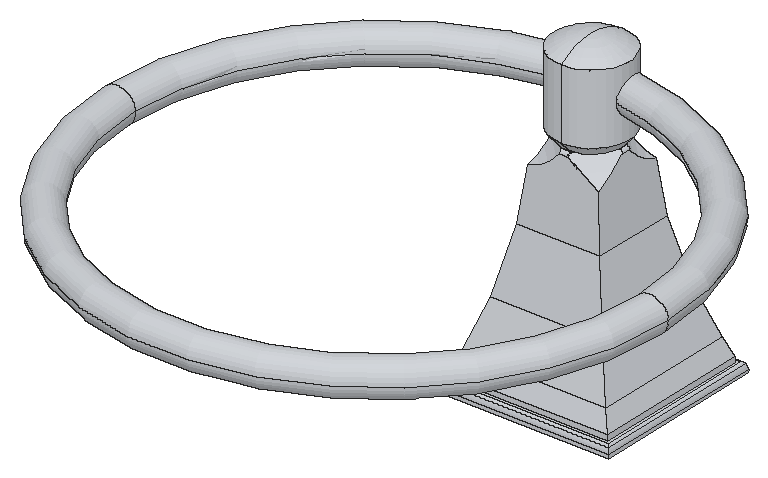
Revit family "Accessory-Towel_Ring-KOHLER-MEMOIRS-K-487T", category Specialty Equipment, host Face, Revit 2017
Family settings
  Host = Face
  Round Connector Dimension = Use Diameter
  Part Type = Normal
  OmniClass Number = 23.31.25.00
  Cut with Voids When Loaded = No
  Shared = No
  Room Calculation Point = No
Parameters (values of type "CP-Polished Chrome")
  Width = 6 3/128"  # constant formula
  WaterSense Certified = 1 = 0  # no
  URL = "http://www.kohler.com.cn/"
  Type = 1
  Product Page URL = "https://www.kohler.com.cn/product/K-487T-CP/K-487T-CP/"
  Product Name = "MEMOIRS"  # constant formula
  Product Documentation Link = "https://files.kohler.com.cn/pdfs/memoirs_acc.pdf"
  Model = if(Type = 1, "K-487T-CP", if(Type = 2, "K-487T-AF", if(Type = 3, "K-487T-BN", if(Type = 4, "K-487T-RGD", "NA"))))  # "K-487T-CP"
  Material = "Brass Construction"  # constant formula
  Master Format 2014 Name = "Toilet, Bath, and Laundry Accessories"  # constant formula
  Master Format 2014 = "10 28 00"  # constant formula
  Manufacturer Address = "158 Jiangchang 3rd Road Zhabei District Shanghai, 200436 China"  # constant formula
  Manufacturer = "KOHLER Co."  # constant formula
  Length = 3 79/256"  # constant formula
  Height = 6 203/256"  # constant formula
  Finish = Kohler-Metal-CP-Polished_Chrome
  Environmental Product Declaration = ""
  Description = "Towel Ring"  # constant formula
  Default Elevation = 42"
  Declare Label = ""
  Date Modified = "06/18/2020"  # constant formula
  Date Created = "06/18/2020"  # constant formula
  Copyright = "Copyright KOHLER Co."  # constant formula
  Contact Us = "http://www.kohler.com.cn/en/contact/contact-us/"
  Assembly Code = "C1030200"
  ADA Compliant = 1 = 0  # no
Types (5): name | Type | Product Page URL | Model | Finish
  (no name) | 1 | "https://www.kohler.com.cn/product/K-487T-CP/K-487T-CP/" | "K-487T-CP" | Kohler-Metal-CP-Polished_Chrome
  CP-Polished Chrome | 1 | "https://www.kohler.com.cn/product/K-487T-CP/K-487T-CP/" | "K-487T-CP" | Kohler-Metal-CP-Polished_Chrome
  AF-Flange | 2 | "https://www.kohler.com.cn/product/K-487T-CP/K-487T-AF/" | "K-487T-AF" | Kohler-Metal-AF-Flange_Gold
  BN-Roman Silver | 3 | "https://www.kohler.com.cn/product/K-487T-CP/K-487T-BN/" | "K-487T-BN" | Kohler-Metal-BN-Roman_Silver
  RGD-Rose Gold | 4 | "https://www.kohler.com.cn/product/K-487T-CP/K-487T-RGD/" | "K-487T-RGD" | Kohler-Metal-RGD-Rose_Gold
Reference planes (in)
  plane 1 "Center (Front/Back)": y = 0
  plane 2: z = 0
  plane 3 "Center (Left/Right)": x = 0
  plane 4: x = -0.9448819
  plane 5: x = 0.9448819
  plane 6: y = -0.9448819
  plane 7: y = 0.9448819
  plane 8: x = -3.011811
  plane 9: x = 3.0116265
  plane 10: y = -5.8480869
  plane 11: y = 0.1747461
  plane 12: z = 3.3085937
  plane 13: z = 3.0313178
  plane 14: z = 2.847308
  plane 15: z = 2.6632981
Dimensions and locks (in)
  "Height": plane 10 to plane 7
  "Width": plane 8 to plane 9
  locked: plane 4 to plane 5 at 1.8897638
  locked: plane 6 to plane 7 at 1.8897638
  "Length": plane 12 to level
  aligned and locked: plane 2 to host face
  aligned and locked: level to host face
  aligned and locked: plane 3 "Center (Left/Right)" to nested 1
  aligned and locked: plane 1 "Center (Front/Back)" to nested 1
Automatic sketch dimensions
  host sketch curve to host sketch curve = 96"  (x2)
Nested families (in)
  nested 1: "K-487T" at (0, 0, 0), type "K-487T"
Definition of nested family "K-487T"
  Parameters (values of type "K-487T")
    Material = none
  Reference planes (in)
    plane 1 "Center (Front/Back)": y = 0
    plane 2: z = 0
    plane 3 "Center (Left/Right)": x = 0
    plane 4: y = -5.848876
    plane 5: x = -3.011811
    plane 6: z = 3.3070866
    plane 7: x = -0.9448819
    plane 8: x = 0.9448819
    plane 9: y = 0.9448819
    plane 10: y = -0.9448819
    plane 11: y = 0.1747461
    plane 12: x = 3.011811
    plane 13: z = 2.847308
    plane 14: z = 3.0313178
    plane 15: z = 2.6632981
  Forms (in)
    Sweep 1, solid, material <- "Material", detail levels medium+fine
      path origin (0, 0, 0) x (1, 0, 0) y (0, 1, 0)
        loop
          line (-0.9375, 0.9375) -> (-0.9375, -0.9375) -> (0.9375, -0.9375) -> (0.9375, 0.9375) -> (-0.9375, 0.9375)
      profile origin (0, 0.9375, 0) x (0, 1, 0) y (0, 0, 1)
        loop
          line (-0.015625, 0) -> (-0.015625, 0.0308228)
          arc (-0.015625, 0.0308228) -> (-0.0194042, 0.0625511) -> (-0.0305302, 0.0925039) r 0.1350774
          arc (-0.0305302, 0.0925039) -> (-0.0420434, 0.1049033) -> (-0.0583319, 0.1094841) r 0.03125
          line (-0.0583319, 0.1094841) -> (-0.0924999, 0.1094841) -> (-0.0924999, 0.1604858)
          arc (-0.0924999, 0.1604858) -> (-0.1323988, 0.2596282) -> (-0.1720269, 0.3588791) r 39.1568854
          arc (-0.1720269, 0.3588791) -> (-0.2640609, 0.6082146) -> (-0.3435635, 0.861824) r 5.3351777
          arc (-0.3435635, 0.861824) -> (-0.429626, 1.199728) -> (-0.4956288, 1.5421158) r 5.9152255
          arc (-0.4956288, 1.5421158) -> (-0.5464824, 1.9235867) -> (-0.5755753, 2.307331) r 6.7692959
          arc (-0.5755753, 2.307331) -> (-0.5857733, 2.3296774) -> (-0.6085763, 2.3388088) r 0.0330378
          line (-0.6085763, 2.3388088) -> (-0.6470109, 2.3388088) -> (-0.6470109, 0) -> (-0.015625, 0)
    Extrusion 2, solid, material <- "Material", detail levels medium+fine
      sketch origin (0, 0, 0) x (1, 0, 0) y (0, 1, 0)
        loop
          line (-0.2904891, 0.2904891) -> (-0.2904891, -0.2904891) -> (0.2904891, -0.2904891) -> (0.2904891, 0.2904891) -> (-0.2904891, 0.2904891)
      from 0 to 2.3388088
    Revolve 3, solid, material <- "Material", detail levels medium+fine
      sketch origin (0, 0, 0) x (0, 1, 0) y (0, 0, 1)
        loop
          line (0, 3.3125) -> (0, 2.3388088) -> (0.3159476, 2.3388088) -> (0.3999999, 2.4389783) -> (0.3999999, 3.1821521)
          arc (0.3999999, 3.1821521) -> (0.2103512, 3.279091) -> (0, 3.3125) r 0.6789156
        axis (0, 2.3388088) -> (0, 3.3125)
      angle from 0 to 360
    Sweep 4, solid, material <- "Material", detail levels medium+fine
      path origin (0, 0.1722441, 0) x (1, 0, 0) y (0, 1, 0)
        loop
          circle (0, -2.9266268) r 3.011811
      profile origin (-3.011811, -2.7543827, 0) x (1, 0, 0) y (0, 0, 1)
        loop
          circle (0.1875, 2.84375) r 0.1875
    Extrusion 5, void
      sketch origin (0.46875, 0.46875, 0) x (-0.707107, 0.707107, 0) y (0, 0, 1)
        loop
          line (-0.2662834, 2.3388088) -> (-0.6544034, 2.3388088) -> (-0.6544034, 2.0159477)
          arc (-0.6544034, 2.0159477) -> (-0.4423434, 2.1557399) -> (-0.2662834, 2.3388088) r 1.1459986
      from -0.9209866 to -0.3059403
    Extrusion 6, void
      sketch origin (0.46875, 0.46875, 0) x (-0.707107, 0.707107, 0) y (0, 0, 1)
        loop
          arc (0.2681711, 2.3388088) -> (0.412761, 2.1551696) -> (0.6275326, 2.0629592) r 0.4739714
          line (0.6275326, 2.0629592) -> (0.6275326, 2.3388088) -> (0.2681711, 2.3388088)
      from -0.991863 to -0.3245184
    Extrusion 7, void
      sketch origin (0.46875, -0.46875, 0) x (0.707107, 0.707107, 0) y (0, 0, 1)
        loop
          arc (0.2785653, 2.3388088) -> (0.4199105, 2.1538072) -> (0.634294, 2.0630118) r 0.4547203
          line (0.634294, 2.0630118) -> (0.634294, 2.3388088) -> (0.2785653, 2.3388088)
      from -1.0229913 to 0.1259123
    Extrusion 8, void
      sketch origin (0.46875, -0.46875, 0) x (-0.707107, -0.707107, 0) y (0, 0, -1)
        loop
          line (0.2785653, -2.3388088) -> (0.634294, -2.3388088) -> (0.634294, -2.0630118)
          arc (0.634294, -2.0630118) -> (0.4199105, -2.1538072) -> (0.2785653, -2.3388088) r 0.4547203
      from -1.0229913 to 0.1259123
    Extrusion 9, solid, material <- "Material", detail levels coarse
      sketch origin (0, 0, 0) x (1, 0, 0) y (0, 1, 0)
        loop
          line (-0.921875, 0.921875) -> (-0.921875, -0.921875) -> (0.921875, -0.921875) -> (0.921875, 0.921875) -> (-0.921875, 0.921875)
      from 0 to 2.3388088
    Extrusion 10, solid, material <- "Material", detail levels coarse
      sketch origin (0, 0, 0) x (1, 0, 0) y (0, 1, 0)
        loop
          circle (0, 0) r 0.3999999
      from 2.3388088 to 3.3125
    Sweep 11, solid, material <- "Material", detail levels coarse
      path origin (0, 0.2017332, 0) x (1, 0, 0) y (0, 1, 0)
        loop
          circle (-0.0004883, -3.0058594) r 3.011811
      profile origin (-0.0004883, 0.2076849, 0) x (0, -1, 0) y (0, 0, 1)
        loop
          circle (0.1865464, 2.84375) r 0.1950095
  Cuts and joins
    Extrusion 5, Extrusion 6, Extrusion 7, Extrusion 8 cuts Sweep 1
    Extrusion 5, Extrusion 6, Extrusion 7, Extrusion 8 cuts Extrusion 2
    joined: Sweep 1, Extrusion 2, Revolve 3, Sweep 4
    joined: Extrusion 9, Extrusion 10, Sweep 11
  Lines and regions (in)
    Masking region 1
      outline origin (0, 0, 0) x (1, 0, 0) y (0, 0, 1)
        loop
          line (0.9448819, 0) -> (0.9448819, 0.0341994)
          arc (0.9448819, 0.0341994) -> (0.9390777, 0.0671758) -> (0.9223628, 0.0961886) r 0.0965796
          arc (0.9223628, 0.0961886) -> (0.9096054, 0.1059964) -> (0.8938963, 0.1094841) r 0.0371221
          line (0.8938963, 0.1094841) -> (0.8450001, 0.1094841) -> (0.8450001, 0.1604858)
          arc (0.8450001, 0.1604858) -> (0.8051012, 0.2596282) -> (0.7654731, 0.3588791) r 39.1568854
          arc (0.7654731, 0.3588791) -> (0.6734391, 0.6082146) -> (0.5939365, 0.861824) r 5.3351777
          arc (0.5939365, 0.861824) -> (0.507874, 1.199728) -> (0.4418712, 1.5421158) r 5.9152255
          arc (0.4418712, 1.5421158) -> (0.3910176, 1.9235867) -> (0.3619247, 2.307331) r 6.7692959
          arc (0.3619247, 2.307331) -> (0.347621, 2.3336645) -> (0.3180985, 2.3388088) r 0.0344233
          line (0.3180985, 2.3388088) -> (0.3999999, 2.4389783) -> (0.3999999, 2.6632981) -> (2.8277372, 2.6632981)
          arc (2.8277372, 2.6632981) -> (3.0117471, 2.847308) -> (2.8277372, 3.0313178) r 0.1840098
          line (2.8277372, 3.0313178) -> (0.3999999, 3.0313178) -> (0.3999999, 3.1821521)
          arc (0.3999999, 3.1821521) -> (0.2095284, 3.2751263) -> (0, 3.3070866) r 0.7028022
          arc (0, 3.3070866) -> (-0.2095284, 3.2751263) -> (-0.3999999, 3.1821521) r 0.7028022
          line (-0.3999999, 3.1821521) -> (-0.3999999, 3.0313178) -> (-2.8277372, 3.0313178)
          arc (-2.8277372, 3.0313178) -> (-3.0117471, 2.847308) -> (-2.8277372, 2.6632981) r 0.1840098
          line (-2.8277372, 2.6632981) -> (-0.3999999, 2.6632981) -> (-0.3999999, 2.4389783) -> (-0.3180985, 2.3388088)
          arc (-0.3180985, 2.3388088) -> (-0.347621, 2.3336645) -> (-0.3619247, 2.307331) r 0.0344233
          arc (-0.3619247, 2.307331) -> (-0.3910176, 1.9235867) -> (-0.4418712, 1.5421158) r 6.7692959
          arc (-0.4418712, 1.5421158) -> (-0.507874, 1.199728) -> (-0.5939365, 0.861824) r 5.9152255
          arc (-0.5939365, 0.861824) -> (-0.6734391, 0.6082146) -> (-0.7654731, 0.3588791) r 5.3351777
          arc (-0.7654731, 0.3588791) -> (-0.8051012, 0.2596282) -> (-0.8450001, 0.1604858) r 39.1568854
          line (-0.8450001, 0.1604858) -> (-0.8450001, 0.1094841) -> (-0.8938963, 0.1094841)
          arc (-0.8938963, 0.1094841) -> (-0.9096054, 0.1059964) -> (-0.9223628, 0.0961886) r 0.0371221
          arc (-0.9223628, 0.0961886) -> (-0.9390777, 0.0671758) -> (-0.9448819, 0.0341994) r 0.0965796
          line (-0.9448819, 0.0341994) -> (-0.9448819, 0) -> (0.0064076, 0) -> (0.9448819, 0)
    Masking region 2
      outline origin (0, 0, 0) x (0, 1, 0) y (0, 0, 1)
        loop
          line (0.9448819, 0) -> (0.9448819, 0.0444408)
          arc (0.9448819, 0.0444408) -> (0.943408, 0.0617687) -> (0.9390288, 0.0785987) r 0.1025964
          arc (0.9390288, 0.0785987) -> (0.9221094, 0.1009822) -> (0.8953699, 0.1094841) r 0.0463003
          line (0.8953699, 0.1094841) -> (0.8450001, 0.1094841) -> (0.8450001, 0.1604858)
          arc (0.8450001, 0.1604858) -> (0.8051012, 0.2596282) -> (0.7654731, 0.3588791) r 39.1568854
          arc (0.7654731, 0.3588791) -> (0.6734391, 0.6082146) -> (0.5939365, 0.861824) r 5.3351777
          arc (0.5939365, 0.861824) -> (0.507874, 1.199728) -> (0.4418712, 1.5421158) r 5.9152255
          arc (0.4418712, 1.5421158) -> (0.3910176, 1.9235867) -> (0.3619247, 2.307331) r 6.7692959
          arc (0.3619247, 2.307331) -> (0.3467655, 2.3345056) -> (0.3159476, 2.3388088) r 0.0349323
          line (0.3159476, 2.3388088) -> (0.3999999, 2.4389783) -> (0.3999999, 3.1821521)
          arc (0.3999999, 3.1821521) -> (0.2095284, 3.2751263) -> (0, 3.3070866) r 0.7028022
          arc (0, 3.3070866) -> (-0.2095284, 3.2751263) -> (-0.3999999, 3.1821521) r 0.7028022
          line (-0.3999999, 3.1821521) -> (-0.3999999, 3.0313178) -> (-5.6648364, 3.0313178)
          arc (-5.6648364, 3.0313178) -> (-5.8488462, 2.847308) -> (-5.6648364, 2.6632981) r 0.1840098
          line (-5.6648364, 2.6632981) -> (-0.3999999, 2.6632981) -> (-0.3999999, 2.4389783) -> (-0.3159476, 2.3388088)
          arc (-0.3159476, 2.3388088) -> (-0.3467655, 2.3345056) -> (-0.3619247, 2.307331) r 0.0349323
          arc (-0.3619247, 2.307331) -> (-0.3910176, 1.9235867) -> (-0.4418712, 1.5421158) r 6.7692959
          arc (-0.4418712, 1.5421158) -> (-0.507874, 1.199728) -> (-0.5939365, 0.861824) r 5.9152255
          arc (-0.5939365, 0.861824) -> (-0.6734391, 0.6082146) -> (-0.7654731, 0.3588791) r 5.3351777
          arc (-0.7654731, 0.3588791) -> (-0.8051012, 0.2596282) -> (-0.8450001, 0.1604858) r 39.1568854
          line (-0.8450001, 0.1604858) -> (-0.8450001, 0.1094841) -> (-0.8953699, 0.1094841)
          arc (-0.8953699, 0.1094841) -> (-0.9221094, 0.1009822) -> (-0.9390288, 0.0785987) r 0.0463003
          arc (-0.9390288, 0.0785987) -> (-0.943408, 0.0617687) -> (-0.9448819, 0.0444408) r 0.1025964
          line (-0.9448819, 0.0444408) -> (-0.9448819, 0) -> (0.118013, 0) -> (0.9448819, 0)
    Masking region 3
      outline origin (0, 0, 0) x (1, 0, 0) y (0, 1, 0)
        loop
          line (-0.9448819, 0.9448819) -> (-0.9448819, 0.022691)
          arc (-0.9448819, 0.022691) -> (0, -5.848876) -> (0.9448819, 0.022691) r 3.011811
          line (0.9448819, 0.022691) -> (0.9448819, 0.9448819) -> (-0.9448819, 0.9448819)
        loop
          line (0.9448819, -0.9448819) -> (-0.9448819, -0.9448819) -> (-0.9448819, -0.356103)
          arc (-0.9448819, -0.356103) -> (0, -5.4918671) -> (0.9448819, -0.356103) r 2.6548021
          line (0.9448819, -0.356103) -> (0.9448819, -0.9448819)
    symbolic lines, detail levels medium+fine
      curve 1: line (0.8450001, 0, 0.1094841) -> (-0.8450001, 0, 0.1094841)
      curve 2: line (0.8450001, 0, 0.1604858) -> (-0.8450001, 0, 0.1604858)
      curve 3: line (0.3999999, 0, 3.1821521) -> (-0.3999999, 0, 3.1821521)
      curve 4: line (0.3180985, 0, 2.3388088) -> (-0.3180985, 0, 2.3388088)
      curve 5: line (0.3999999, 0, 2.4389783) -> (-0.3999999, 0, 2.4389783)
      curve 6: arc (0.2648082, 0, 2.1487327) -> (0.3201315, 0, 2.1162872) -> (0.3784378, 0, 2.0895711) r 0.6368018
      curve 7: arc (0.126854, 0, 2.2439813) -> (0.1952718, 0, 2.1955469) -> (0.2648082, 0, 2.1487327) r 3.5689549
      curve 8: arc (0.0501794, 0, 2.3075248) -> (0.0874956, 0, 2.2745209) -> (0.126854, 0, 2.2439813) r 0.7754253
      curve 9: arc (0.0354917, 0, 2.326586) -> (0.0420811, 0, 2.3164741) -> (0.0501794, 0, 2.3075248) r 0.0764745
      curve 10: arc (0.0440915, 0, 2.3388088) -> (0.0359954, 0, 2.3353683) -> (0.0354917, 0, 2.326586) r 0.0083358
      curve 11: arc (-0.2648082, 0, 2.1487327) -> (-0.3201651, 0, 2.1162697) -> (-0.3785083, 0, 2.089543) r 0.6368018
      curve 12: arc (-0.126854, 0, 2.2439813) -> (-0.1952718, 0, 2.1955469) -> (-0.2648082, 0, 2.1487327) r 3.5689549
      curve 13: arc (-0.0501794, 0, 2.3075248) -> (-0.0874956, 0, 2.2745209) -> (-0.126854, 0, 2.2439813) r 0.7754253
      curve 14: arc (-0.0354917, 0, 2.326586) -> (-0.0420811, 0, 2.3164741) -> (-0.0501794, 0, 2.3075248) r 0.0764745
      curve 15: arc (-0.0440915, 0, 2.3388088) -> (-0.0359954, 0, 2.3353683) -> (-0.0354917, 0, 2.326586) r 0.0083358
      curve 16: line (0, 0.8450001, 0.1094841) -> (0, -0.8450001, 0.1094841)
      curve 17: line (0, 0.8450001, 0.1604858) -> (0, -0.8450001, 0.1604858)
      curve 18: line (0, 0.3159476, 2.3388088) -> (0, -0.3159476, 2.3388088)
      curve 19: line (0, 0.3999999, 2.4389783) -> (0, -0.3999999, 2.4389783)
      curve 20: line (0, 0.3999999, 3.1821521) -> (0, -0.3999999, 3.1821521)
      curve 21: line (0, -0.3999999, 3.0312498) -> (0, -0.0088726, 3.0312498)
      curve 22: arc (0, -0.2391536, 2.1660434) -> (0, -0.3061121, 2.1229739) -> (0, -0.3784272, 2.0896731) r 0.5689304
      curve 23: arc (0, -0.1165595, 2.2523825) -> (0, -0.1784618, 2.2100723) -> (0, -0.2391536, 2.1660434) r 2.6742099
      curve 24: arc (0, -0.0459184, 2.3114369) -> (0, -0.0796022, 2.2799518) -> (0, -0.1165595, 2.2523825) r 0.4165272
      curve 25: arc (0, -0.0350793, 2.3275087) -> (0, -0.0398126, 2.31901) -> (0, -0.0459184, 2.3114369) r 0.0571589
      curve 26: arc (0, -0.0433021, 2.3388088) -> (0, -0.0359105, 2.3355457) -> (0, -0.0350793, 2.3275087) r 0.0080463
      curve 27: arc (0, 0.2391536, 2.1660434) -> (0, 0.3061121, 2.1229739) -> (0, 0.3784272, 2.0896731) r 0.5689304
      curve 28: arc (0, 0.1165595, 2.2523825) -> (0, 0.1784618, 2.2100723) -> (0, 0.2391536, 2.1660434) r 2.6742099
      curve 29: arc (0, 0.0459184, 2.3114369) -> (0, 0.0796022, 2.2799518) -> (0, 0.1165595, 2.2523825) r 0.4165272
      curve 30: arc (0, 0.0350793, 2.3275087) -> (0, 0.0398126, 2.31901) -> (0, 0.0459184, 2.3114369) r 0.0571589
      curve 31: arc (0, 0.0433021, 2.3388088) -> (0, 0.0359105, 2.3355457) -> (0, 0.0350793, 2.3275087) r 0.0080463
      curve 32: line (-0.8450001, 0.8450001, 0) -> (0.8450001, 0.8450001, 0)
      curve 33: line (0.8450001, 0.8450001, 0) -> (0.8450001, 0.0581002, 0)
      curve 34: line (0.8450001, -0.8450001, 0) -> (-0.8450001, -0.8450001, 0)
      curve 35: line (-0.8450001, -0.8450001, 0) -> (-0.8450001, -0.315548, 0)
      curve 36: arc (-0.3758977, 0.375794, 0) -> (-0.2686088, 0.3699556, 0) -> (-0.1612315, 0.366066, 0) r 5.9181106
      curve 37: arc (-0.3758977, 0.375794, 0) -> (-0.3699569, 0.2686362, 0) -> (-0.3659975, 0.161387, 0) r 5.8067658
      curve 38: arc (-0.3758977, -0.374206, 0) -> (-0.2684978, -0.3693704, 0) -> (-0.1610373, -0.3661514, 0) r 7.1447749
      curve 39: arc (0.374206, -0.374206, 0) -> (0.368531, -0.2692907, 0) -> (0.3647028, -0.1642918, 0) r 5.9717034
      curve 40: circle (0, 0, 0) r 0.3999999 normal (0, 0, 1)
      curve 41: arc (0.1611507, 0.3661016, 0) -> (0.2677219, 0.3699783, 0) -> (0.374206, 0.3757746, 0) r 5.9181106
      curve 42: arc (0.1609548, -0.3661877, 0) -> (0.2676104, -0.3694006, 0) -> (0.374206, -0.374206, 0) r 7.1447749
      curve 43: arc (-0.366039, -0.1612928, 0) -> (-0.3699914, -0.2677946, 0) -> (-0.3758977, -0.374206, 0) r 5.8067658
      curve 44: arc (0.3646621, 0.1643821, 0) -> (0.3684976, 0.2701206, 0) -> (0.374206, 0.3757746, 0) r 5.9717034
      curve 45: line (-0.8450001, 0.0555025, 0) -> (-0.8450001, 0.8450001, 0)
      curve 46: line (0.8450001, -0.315548, 0) -> (0.8450001, -0.8450001, 0)
      curve 47: line (-0.3758977, 0.375794, 0) -> (-0.9449856, 0.9448819, 0)
      curve 48: line (0.3757705, 0.3756698, 0) -> (0.9449826, 0.9448819, 0)
      curve 49: line (0.374206, -0.374206, 0) -> (0.9448819, -0.9448819, 0)
      curve 50: arc (-0.9448819, 0.022691, 0) -> (-0.6589045, 0.1065005, 0) -> (-0.3659975, 0.161387, 0) r 2.9859432
      curve 51: arc (0.9448819, 0.022691, 0) -> (0.6591743, 0.1113493, 0) -> (0.3647359, 0.1642182, 0) r 2.4291939
      curve 52: line (-0.9448819, -0.9448819, 0) -> (-0.8450001, -0.8450001, 0)
      curve 53: line (-0.8450001, -0.8450001, 0) -> (-0.3758977, -0.374206, 0)
      curve 54: arc (-0.9448819, -0.356103, 0) -> (-0.6619429, -0.2568728, 0) -> (-0.3672955, -0.2013392, 0) r 1.9872911
      curve 55: arc (0.9448819, -0.356103, 0) -> (0.6612341, -0.256683, 0) -> (0.3658369, -0.2011774, 0) r 1.9872911
      curve 56: arc (0.3999999, 0, 2.6632981) -> (0.3487338, 0, 2.847308) -> (0.3999999, 0, 3.0313178) r 0.355867
      curve 57: arc (-0.3999999, 0, 2.6632981) -> (-0.3487338, 0, 2.847308) -> (-0.3999999, 0, 3.0313178) r 0.355867
      curve 58: line (0, -0.3999999, 2.6632981) -> (0, -0.0088726, 2.6632981)
      curve 59: arc (0, -0.0088726, 2.6632981) -> (0, 0.1751033, 2.847274) -> (0, -0.0088726, 3.0312498) r 0.1839758
  Dimensions and locks (in)
    locked: plane 7 to plane 8 at 1.8897638
    locked: plane 9 to plane 10 at 1.8897638
    plane 11 to plane 4 = 6.02362"
    plane 6 to level = 3.30709"
    level to plane 6 = 3.30709"
    locked: plane 5 to plane 12 at 6.023622
    locked: plane 9 to plane 4 at 6.7937579
    aligned and locked: plane 2 to level
